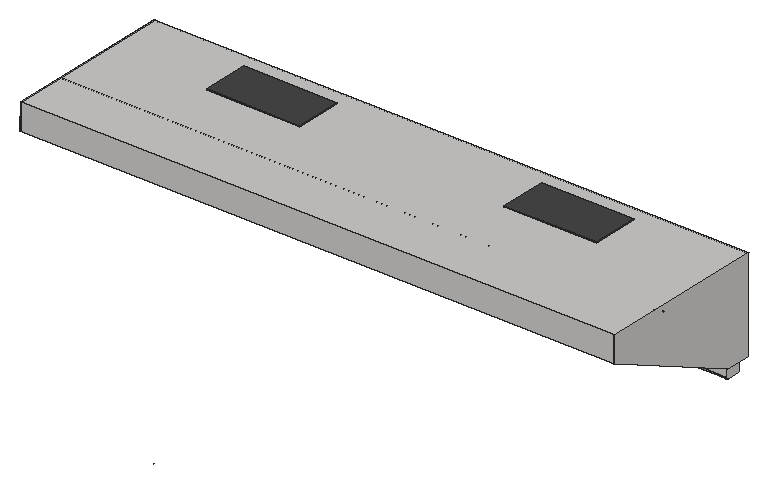
Revit family "QF_ELECTROLUXPROFESSIONAL_642290_MP932BT", category Specialty Equipment, Revit 2014
Reference planes
  plane 1: z = 0
  plane 2 "Center (Left/Right)": x = 150
  plane 3 "LEFT": x = -1450
  plane 4 "RIGHT": x = 1750
  plane 5 "BACK": y = 550
  plane 6 "Plane": z = 2000
  plane 7 "TOP": z = 2140
  plane 8 "Base": z = 1640
  plane 9: z = 1566
  plane 10 "DrainY": y = 485
  plane 11: x = -1447
  plane 12: through (0, 414.509, 1640.8) normal (0, 0.7314, 0.682)
  plane 13: y = 470
  plane 14: y = 220
  plane 15 "DrainX": x = 1630
  plane 16: x = -400
  plane 17: x = 700
  plane 18: x = -900
  plane 19: x = 1200
  plane 20: x = 1747
  plane 21: x = 1540
  plane 22: x = 1720
  plane 23: x = -1410
  plane 24: x = -1045
  plane 25: x = -650
  plane 26: x = 1710
  plane 27: x = 1345
  plane 28: x = 950
  plane 29: y = -350
  plane 30 "Center (Front/Back)": y = 100
Forms (mm)
  Extrusion 1, solid, material "QF_Finishes_Stainless Steel"
    sketch origin (-1450, 0, 0) x (0, 1, 0) y (0, 0, 1)
      loop
        line (550, 1640) -> (550, 2140) -> (-350, 2140) -> (-350, 2000) -> (415.255, 1640) -> (550, 1640)
    from 0 to 3
  Extrusion 2, solid, material "QF_Finishes_Stainless Steel"
    sketch origin (150, 0, 0) x (0, 1, 0) y (0, 0, 1)
      loop
        line (415.255, 1640) -> (550, 1640) -> (550, 2139.19) -> (549.2, 2139.19) -> (549.2, 1640.8) -> (415.876, 1640.8) -> (339.347, 1722.867) -> (349.609, 1732.436) -> (348.927, 1733.167) -> (337.934, 1722.917) -> (415.255, 1640)
      loop
        line (-82.203, 2139.19) -> (-82.203, 2118.6) -> (-31.047, 2118.6) -> (34.354, 2048.466) -> (46.028, 2059.352) -> (45.346, 2060.083) -> (34.403, 2049.879) -> (-30.612, 2119.6) -> (-81.203, 2119.6) -> (-81.203, 2139.19) -> (-82.203, 2139.19)
    from -1597 to 1597
  Extrusion 3, solid, material "QF_Finishes_Stainless Steel"
    sketch origin (1750, 0, 0) x (0, 1, 0) y (0, 0, 1)
      loop
        line (550, 1640) -> (550, 2140) -> (-350, 2140) -> (-350, 2000) -> (415.255, 1640) -> (550, 1640)
    from 0 to -3
  Extrusion 4, solid, material "QF_Finishes_Stainless Steel"
    sketch origin (150, 0, 0) x (0, 1, 0) y (0, 0, 1)
      loop
        line (-350, 2140) -> (-350, 2000) -> (-349.2, 2000) -> (-349.2, 2139.19) -> (550, 2139.19) -> (550, 2140) -> (-350, 2140)
    from -1600 to 1600
  Extrusion 5, solid, material "QF_Finishes_Stainless Steel"
    sketch origin (150, 0, 0) x (0, 1, 0) y (0, 0, 1)
      loop
        line (534, 1640) -> (436, 1640) -> (436, 1627) -> (443.5, 1627) -> (443.5, 1576)
        arc (443.5, 1576) -> (446.429, 1568.929) -> (453.5, 1566) r 10
        line (453.5, 1566) -> (516.5, 1566)
        arc (516.5, 1566) -> (523.571, 1568.929) -> (526.5, 1576) r 10
        line (526.5, 1576) -> (526.5, 1627) -> (534, 1627) -> (534, 1640)
    from 1390 to 1570
  Extrusion 6, solid, material "QF_Finishes_Stainless Steel"
    sketch origin (0, 0, 1640) x (0, 1, 0) y (-1, 0, 0)
      loop
        circle (485, -1630) r 20
    from -76 to -74
  Extrusion 7, solid, material "QF_Finished_Chrome"
    sketch origin (150, 0, 0) x (0, 1, 0) y (0, 0, 1)
      loop
        line (337.934, 1722.917) -> (341.591, 1726.327) -> (38.011, 2051.876) -> (34.354, 2048.466) -> (337.934, 1722.917)
    from -1195 to -1560
  Extrusion 8, solid, material "QF_Finished_Chrome"
    sketch origin (150, 0, 0) x (0, 1, 0) y (0, 0, 1)
      loop
        line (337.934, 1722.917) -> (341.591, 1726.327) -> (38.011, 2051.876) -> (34.354, 2048.466) -> (337.934, 1722.917)
    from 800 to -800
  Extrusion 9, solid, material "QF_Finishes_Stainless Steel"
    sketch origin (150, 0, 0) x (0, 1, 0) y (0, 0, 1)
      loop
        line (337.934, 1722.917) -> (341.591, 1726.327) -> (38.011, 2051.876) -> (34.354, 2048.466) -> (337.934, 1722.917)
    from 1597 to 1560
  Extrusion 10, solid, material "QF_Finishes_Stainless Steel"
    sketch origin (150, 0, 0) x (0, 1, 0) y (0, 0, 1)
      loop
        line (341.588, 1726.324) -> (38.009, 2051.874) -> (34.354, 2048.466) -> (337.934, 1722.917) -> (341.588, 1726.324)
    from -1195 to -800
  Extrusion 11, solid, material "QF_Finished_Chrome"
    sketch origin (150, 0, 0) x (0, 1, 0) y (0, 0, 1)
      loop
        line (341.588, 1726.324) -> (38.009, 2051.874) -> (34.354, 2048.466) -> (337.934, 1722.917) -> (341.588, 1726.324)
    from 1195 to 1560
  Extrusion 12, solid, material "QF_Finishes_Black"
    sketch origin (0, 0, 2140) x (0, 1, 0) y (-1, 0, 0)
      loop
        line (470, 900) -> (220, 900) -> (220, 400) -> (470, 400) -> (470, 900)
    from 5 to 0
  Extrusion 13, solid, material "QF_Finishes_Black"
    sketch origin (940, 0, 2140) x (0, 1, 0) y (-1, 0, 0)
      loop
        line (470, 240) -> (220, 240) -> (220, -260) -> (470, -260) -> (470, 240)
    from 5 to 0
  Extrusion 14, solid, material "QF_Finishes_Stainless Steel"
    sketch origin (0, 0, 0) x (1, 0, 0) y (0, 1, 0)
      loop
        line (-1450, 550) -> (-1450, 549) -> (-1449, 549) -> (-1449, 550) -> (-1450, 550)
    from 0 to 1
  Extrusion 15, solid, material "QF_Finishes_Stainless Steel"
    sketch origin (150, 0, 0) x (0, 1, 0) y (0, 0, 1)
      loop
        line (337.934, 1722.917) -> (341.591, 1726.327) -> (38.011, 2051.876) -> (34.354, 2048.466) -> (337.934, 1722.917)
    from -1560 to -1597
  Extrusion 16, solid, material "QF_Finishes_Stainless Steel"
    sketch origin (150, 0, 0) x (0, 1, 0) y (0, 0, -1)
      loop
        line (341.588, -1726.324) -> (337.934, -1722.917) -> (34.354, -2048.466) -> (38.009, -2051.874) -> (341.588, -1726.324)
    from -1195 to -800
Cuts and joins
  joined: Extrusion 2, Extrusion 4
Lines and regions (mm)
  reference lines
    curve 1: line (150, 34.354, 2048.466) -> (150, 34.354, 1888.466)
  symbolic lines, style "SpecialityEquipment", detail levels coarse
    curve 2: line (1750, 550, 2140) -> (-1450, 550, 2140)
    curve 3: line (-1450, 550, 2140) -> (-1450, -350, 2140)
    curve 4: line (1750, -350, 2140) -> (1750, 550, 2140)
    curve 5: line (-1450, -350, 2140) -> (1750, -350, 2140)
    curve 6: line (-900, 220, 2140) -> (-400, 220, 2140)
    curve 7: line (-900, 470, 2140) -> (-900, 220, 2140)
    curve 8: line (-400, 470, 2140) -> (-900, 470, 2140)
    curve 9: line (-400, 220, 2140) -> (-400, 470, 2140)
    curve 10: line (700, 470, 2140) -> (700, 220, 2140)
    curve 11: line (700, 220, 2140) -> (1200, 220, 2140)
    curve 12: line (1200, 470, 2140) -> (700, 470, 2140)
    curve 13: line (1200, 220, 2140) -> (1200, 470, 2140)
  symbolic lines, detail levels coarse
    curve 14: line (-1450, -350, 0) -> (1750, 550, 0)
    curve 15: line (1750, -350, 0) -> (-1450, 550, 0)
Dimensions and locks
  plane 3 "LEFT" to plane 4 "RIGHT" = 3200 mm
  equal spacing: plane 3 "LEFT", plane 2 "Center (Left/Right)", plane 4 "RIGHT"
  locked: plane 6 "Plane" to level at 2000
  plane 7 "TOP" to plane 6 "Plane" = 140 mm
  locked: plane 7 "TOP" to plane 8 "Base" at 500
  plane 8 "Base" to plane 9 = 74 mm
  plane 5 "BACK" to plane 10 "DrainY" = 65 mm  (x2)
  plane 3 "LEFT" to plane 11 = 3 mm
  plane 5 "BACK" to plane 13 = 80 mm
  plane 13 to plane 14 = 250 mm  (x2)
  plane 15 "DrainX" to plane 4 "RIGHT" = 120 mm
  locked: plane 16 to plane 17 at 1100
  equal spacing: plane 16, plane 2 "Center (Left/Right)", plane 17
  plane 18 to plane 16 = 500 mm
  plane 17 to plane 19 = 500 mm
  plane 20 to plane 4 "RIGHT" = 3 mm
  locked: plane 21 to plane 15 "DrainX" at 90
  locked: plane 15 "DrainX" to plane 22 at 90
  plane 13 to plane 5 "BACK" = 80 mm
  locked: plane 3 "LEFT" to plane 23 at 40
  locked: plane 23 to plane 24 at 365
  locked: plane 24 to plane 25 at 395
  locked: plane 26 to plane 27 at 365
  locked: plane 27 to plane 28 at 395
  locked: plane 26 to plane 4 "RIGHT" at 40
  plane 25 to plane 28 = 1600 mm
  plane 5 "BACK" to plane 29 = 900 mm  (x2)
  equal spacing: plane 5 "BACK", plane 30 "Center (Front/Back)", plane 29
  plane 14 to plane 29 = 570 mm
  aligned and locked: level to plane 1
  aligned and locked: Extrusion 2 to Extrusion 1
  aligned and locked: Extrusion 2 to Extrusion 3
  aligned and locked: plane 4 "RIGHT" to Extrusion 4
  aligned and locked: Extrusion 4 to plane 3 "LEFT"
  aligned and locked: plane 20 to Extrusion 9
  aligned and locked: plane 18 to Extrusion 12
  aligned and locked: Extrusion 12 to plane 16
  aligned and locked: Extrusion 12 to plane 14
  aligned and locked: Extrusion 12 to plane 13
  aligned and locked: Extrusion 13 to plane 19
  aligned and locked: plane 17 to Extrusion 13
  aligned and locked: Extrusion 2 to Extrusion 4
  aligned and locked: plane 22 to Extrusion 5
  aligned and locked: Extrusion 5 to plane 21
  aligned and locked: Extrusion 9 to plane 26
  aligned and locked: Extrusion 11 to plane 26
  aligned and locked: Extrusion 11 to plane 27
  aligned and locked: Extrusion 8 to plane 28
  aligned and locked: Extrusion 8 to plane 25
  aligned and locked: plane 25 to Extrusion 10
  aligned and locked: Extrusion 10 to plane 24
  aligned and locked: plane 24 to Extrusion 7
  aligned and locked: Extrusion 7 to plane 23
  aligned and locked: Extrusion 15 to plane 11
  aligned and locked: plane 23 to Extrusion 15
  aligned and locked: Extrusion 16 to plane 28
  aligned and locked: Extrusion 16 to plane 27
  aligned and locked: Extrusion 3 to plane 20
Automatic sketch dimensions
  curve 5 to plane 3 "LEFT" = 0 mm
  curve 9 to plane 14 = 0 mm
  curve 10 to plane 14 = 0 mm
  plane 13 to curve 8 = 0 mm
  plane 13 to curve 12 = 0 mm
  curve 3 to plane 5 "BACK" = 0 mm
  curve 5 to plane 4 "RIGHT" = 0 mm
  curve 11 to plane 19 = 0 mm
  curve 10 to plane 17 = 0 mm
  curve 6 to plane 16 = 0 mm
  curve 6 to plane 18 = 0 mm
  Extrusion 2 sketch curve to plane 12 = 0 mm  (x3)
  Extrusion 2 sketch curve to plane 8 "Base" = 0 mm
  plane 12 to Extrusion 2 sketch curve = 0 mm
  Extrusion 2 sketch curve to plane 5 "BACK" = 0 mm
  Extrusion 2 sketch curve to Extrusion 2 sketch curve = 65.646 mm
  Extrusion 2 sketch curve to Extrusion 2 sketch curve = 0.682 mm  (x2)
  Extrusion 2 sketch curve to Extrusion 2 sketch curve = 10.261 mm
  plane 8 "Base" to Extrusion 2 sketch curve = 82.917 mm
  Extrusion 2 sketch curve to Extrusion 2 sketch curve = 10.942 mm
  Extrusion 2 sketch curve to Extrusion 2 sketch curve = 0.049 mm
  Extrusion 2 sketch curve to plane 7 "TOP" = 20.4 mm
  Extrusion 2 sketch curve to plane 7 "TOP" = 21.4 mm
  Extrusion 2 sketch curve to plane 7 "TOP" = 0.81 mm  (x2)
  Extrusion 2 sketch curve to Extrusion 2 sketch curve = 50.156 mm
  Extrusion 2 sketch curve to Extrusion 2 sketch curve = 1 mm
  plane 8 "Base" to Extrusion 2 sketch curve = 0.8 mm
  Extrusion 2 sketch curve to plane 5 "BACK" = 0.8 mm
  Extrusion 4 sketch curve to plane 6 "Plane" = 0 mm
  Extrusion 4 sketch curve to plane 5 "BACK" = 0 mm
  Extrusion 4 sketch curve to plane 7 "TOP" = 0 mm
  Extrusion 4 sketch curve to plane 7 "TOP" = 0.81 mm
  curve 1 to plane 12 = 0 mm
  curve 1 to plane 6 "Plane" = 111.534 mm
  Extrusion 5 sketch curve to plane 8 "Base" = 0 mm
  Extrusion 5 sketch curve to plane 9 = 0 mm
  Extrusion 5 sketch curve to plane 8 "Base" = 13 mm  (x2)
  plane 13 to Extrusion 5 sketch curve = 34 mm
  Extrusion 5 sketch curve to Extrusion 5 sketch curve = 7.5 mm  (x2)
  Extrusion 5 sketch curve to Extrusion 5 sketch curve = 10 mm
  plane 10 "DrainY" to Extrusion 5 sketch curve = 31.5 mm
  Extrusion 5 sketch curve to plane 5 "BACK" = 23.5 mm
  Extrusion 6 sketch curve to plane 10 "DrainY" = 0 mm
  Extrusion 6 sketch curve to plane 15 "DrainX" = 0 mm
  Extrusion 7 sketch curve to plane 12 = 0 mm  (x2)
  Extrusion 7 sketch curve to Extrusion 7 sketch curve = 3.657 mm
  plane 8 "Base" to Extrusion 7 sketch curve = 82.917 mm
  Extrusion 8 sketch curve to plane 12 = 0 mm  (x2)
  Extrusion 8 sketch curve to Extrusion 8 sketch curve = 3.657 mm
  plane 8 "Base" to Extrusion 8 sketch curve = 82.917 mm
  Extrusion 9 sketch curve to plane 12 = 0 mm  (x2)
  Extrusion 9 sketch curve to Extrusion 9 sketch curve = 3.657 mm
  plane 8 "Base" to Extrusion 9 sketch curve = 82.917 mm
  Extrusion 10 sketch curve to plane 12 = 0 mm  (x2)
  Extrusion 10 sketch curve to Extrusion 10 sketch curve = 3.655 mm
  plane 8 "Base" to Extrusion 10 sketch curve = 82.917 mm
  Extrusion 11 sketch curve to plane 12 = 0 mm  (x2)
  Extrusion 11 sketch curve to Extrusion 11 sketch curve = 3.655 mm
  plane 8 "Base" to Extrusion 11 sketch curve = 82.917 mm
  Extrusion 12 sketch curve to plane 14 = 0 mm
  plane 13 to Extrusion 12 sketch curve = 0 mm
  Extrusion 12 sketch curve to plane 16 = 0 mm
  Extrusion 12 sketch curve to plane 18 = 0 mm
  Extrusion 13 sketch curve to plane 14 = 0 mm
  plane 13 to Extrusion 13 sketch curve = 0 mm
  Extrusion 13 sketch curve to plane 19 = 0 mm
  Extrusion 13 sketch curve to plane 17 = 0 mm
  Extrusion 14 sketch curve to plane 3 "LEFT" = 0 mm
  Extrusion 14 sketch curve to plane 5 "BACK" = 0 mm
  plane 3 "LEFT" to Extrusion 14 sketch curve = 1 mm
  Extrusion 14 sketch curve to plane 5 "BACK" = 1 mm
  Extrusion 15 sketch curve to plane 12 = 0 mm  (x2)
  Extrusion 15 sketch curve to Extrusion 15 sketch curve = 3.657 mm
  plane 8 "Base" to Extrusion 15 sketch curve = 82.917 mm
  Extrusion 16 sketch curve to plane 12 = 0 mm  (x2)
  Extrusion 16 sketch curve to Extrusion 16 sketch curve = 3.655 mm
  plane 8 "Base" to Extrusion 16 sketch curve = 82.917 mm
  Extrusion 4 sketch curve to Extrusion 4 sketch curve = 0.8 mm
  curve 5 to plane 29 = 0 mm
  plane 6 "Plane" to Extrusion 2 sketch curve = 48.466 mm
  plane 29 to Extrusion 4 sketch curve = 0.8 mm
  curve 1 to plane 14 = 185.646 mm
  plane 6 "Plane" to Extrusion 7 sketch curve = 51.876 mm
  plane 6 "Plane" to Extrusion 8 sketch curve = 51.876 mm
  plane 6 "Plane" to Extrusion 9 sketch curve = 51.876 mm
  plane 6 "Plane" to Extrusion 10 sketch curve = 51.874 mm
  plane 6 "Plane" to Extrusion 11 sketch curve = 51.874 mm
  plane 6 "Plane" to Extrusion 15 sketch curve = 51.876 mm
  plane 6 "Plane" to Extrusion 16 sketch curve = 51.874 mm
  Extrusion 3 sketch curve to plane 5 "BACK" = 0 mm
  Extrusion 3 sketch curve to plane 7 "TOP" = 0 mm
  Extrusion 3 sketch curve to plane 6 "Plane" = 0 mm
  Extrusion 1 sketch curve to plane 8 "Base" = 0 mm
  plane 12 to Extrusion 1 sketch curve = 0 mm
  Extrusion 1 sketch curve to plane 5 "BACK" = 0 mm
  Extrusion 1 sketch curve to plane 7 "TOP" = 0 mm
  Extrusion 1 sketch curve to plane 29 = 0 mm
  Extrusion 1 sketch curve to plane 6 "Plane" = 0 mm
  Extrusion 3 sketch curve to plane 29 = 0 mm
  Extrusion 3 sketch curve to plane 8 "Base" = 0 mm
  plane 12 to Extrusion 3 sketch curve = 0 mm
  curve 15 to plane 3 "LEFT" = 0 mm
  curve 14 to plane 3 "LEFT" = 0 mm
  curve 15 to plane 4 "RIGHT" = 0 mm
  curve 14 to plane 4 "RIGHT" = 0 mm
  curve 15 to plane 29 = 0 mm
  curve 14 to plane 29 = 0 mm
  curve 15 to plane 5 "BACK" = 0 mm
  curve 14 to plane 5 "BACK" = 0 mm
  radius of Extrusion 6 sketch curve = 20 mm
Connectors
  piping at (1630, 485, 1564), diameter 20
    settings: on Extrusion 6, index 1, connector inside diameter 609.6 mm, connector length 0 mm, flow factor 0, pipe flow 0.0 L/s, pressure drop 0.0 Pa, fitting loss kfactor 0, connector angle 0.00°, fixture units 0, engagement length 0 mm, angle of deflection 0.00°, flow configuration 1, flow direction 2, fitting loss method 0, system type 16, joint type 0, gender type 0, connector reference index -1, connector utility 0, adjustable connector no, is connector primary yes, connector description "Drain"
  hvac at (-650, 345, 2145)
    settings: on Extrusion 12, index 2, duct flow 0.0 L/s, flow factor 0, pres drop 0.0 Pa, loss coef 0, conn angle 0.00°, conn width 250 mm, conn height 500 mm, conn diameter 609.6 mm, duct sys type 3, conn prof type 1, flow config 1, flow direction 0, loss method 0, conn ref index -1, conn util no, is conn primary yes, conn desc "EXHAUST OUTLET"
  hvac at (950, 345, 2145)
    settings: on Extrusion 13, index 3, duct flow 0.0 L/s, flow factor 0, pres drop 0.0 Pa, loss coef 0, conn angle 0.00°, conn width 250 mm, conn height 500 mm, conn diameter 609.6 mm, duct sys type 3, conn prof type 1, flow config 1, flow direction 0, loss method 0, conn ref index -1, conn util no, is conn primary no, conn desc "EXHAUST OUTLET"
